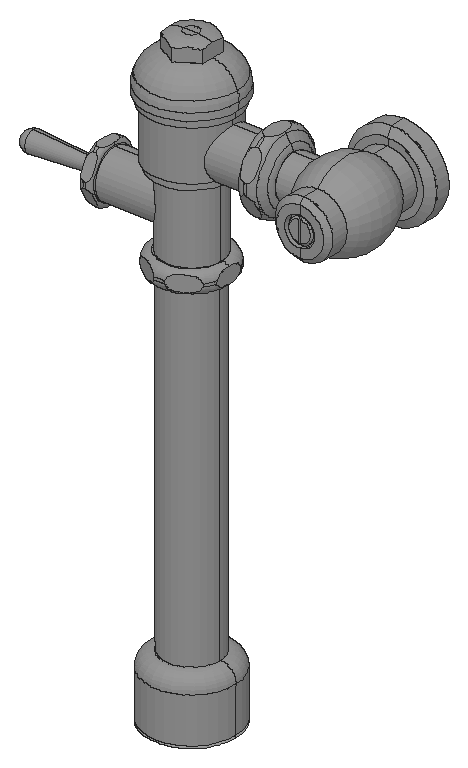
Revit family "LIXIL - FM1-210 N - COBRA FLUSH MASTER TOILET FLUSH VALVE", category Plumbing Fixtures, Revit 2023
Family settings
  Round Connector Dimension = Use Diameter
  Part Type = Normal
  OmniClass Number = 23.45.00.00
  OmniClass Title = Sanitary, Laundry, and Cleaning Equipment
  Work Plane-Based = No
  Enable Cutting in Views = No
  Always vertical = Yes
  Cut with Voids When Loaded = No
  Maintain Annotation Orientation = No
  Shared = Yes
  Room Calculation Point = No
Parameters (values of type "FM1-210 N")
  Product Specification = "Supplier: Lixil.\r\nProduct description: Exposed top entry. Non-hold open feature. With wall flange, integral vacuum breaker, and control stop with integral non-return valve inlet. Including pan connector. Adjustable control stop to valve connection 108mm t0 140mm. With straight flush pipe and compression pan connector. 1 1/4BSP female iron connection end. Recommended optimum design pressures: inlet flow pressure 30 - 300kPa for back entry WC pans: Maximum system pressure 600kPa.\r\nProduct Code: FFU2STFM-0GT01\r\nSKU Code: FM1-210/N\r\nBarcode: 6002194018667\r\nBrand: Cobra\r\nRange: Flush Master\r\nCategory: Flush Valves\r\nSub-Category: Toilets\r\nColour: Chrome\r\nPackage Height: 80 mm\r\nPackage Width: 250 mm\r\nPackage Length: 480 mm\r\nPackage Volume: 9600000 mm³\r\nPackage Weight: 3.34 kg\r\n\r\nNotes:\r\n- Refer to manufacturer's and supplier's installation, maintenance and cleaning manual.\r\n- Refer to manufacturer's and supplier's guarantees and warrantees document."
  M _ RUBBER _ BLACK _ SOFT = M _ LIXIL - RUBBER - BLACK 01
  M _ FLUSH VALVE BODY = M _ LIXIL - CHROME 01
  M _ FLUSH PIPE _ CHROME = M _ LIXIL - CHROME 01
  Hosted on lixil.co.za = "https://www.lixil.co.za/item/cobra-flush-master-valve-flush-toilet-chrome-11"
  HEIGHT -118MM - 273MM MAX = 270 mm
  Description = "Cobra Flush Master Toilet Flush Valve to detail and spec. See sanware schedule. Available from Lixil."
  Default Elevation = 0 mm
Reference planes
  plane 1 "Center (Front/Back)": y = 0
  plane 2: z = 0
  plane 3 "Center (Left/Right)": x = 0
  plane 4: z = 270
  plane 5: z = 311.656
  plane 6: x = 136.532
  plane 7: x = -115
  plane 8: z = 341.871
Dimensions and locks
  "HEIGHT -118MM - 273MM MAX": level to plane 4
  locked: plane 5 to plane 4 at 41.656
  locked: connector elem to plane 5 at 40.215
  aligned and locked: level to plane 2
  aligned and locked: level to nested 3
  aligned and locked: nested 1 to plane 4
  aligned and locked: plane 1 "Center (Front/Back)" to nested 3
Nested families
  nested 1: "BODY" at (0, 0, 270), type "BODY", detail levels medium+fine
  nested 2: "PLACEHOLDER" at (10.766, 43.807, 0), H <- "HEIGHT -118MM - 273MM MAX", type "01", detail levels coarse
    with W 251.532 mm, H 270 mm, D 89.061 mm
  nested 3: "PIPE" at (0, 0, 0), type "01", detail levels medium+fine
    with HEIGHT -118MM - 273MM MAX 270 mm
Connectors
  piping at (108, 0, 351.871), diameter 15
    settings: index 1, connector inside diameter 609.6 mm, connector length 0 mm, flow factor 0, pipe flow 0.0 L/s, pressure drop 0.0 Pa, fitting loss kfactor 0, connector angle 0.00°, fixture units 0, engagement length 0 mm, angle of deflection 0.00°, flow configuration 0, flow direction 0, fitting loss method 0, system type 20, joint type 0, gender type 0, connector reference index -1, connector utility 0, adjustable connector no, is connector primary yes, connector description ""
Definition of nested family "BODY"
  Parameters (values of type "BODY")
    M _ RUBBER _ BLACK _ SOFT = none
    M _ FLUSH VALVE BODY = none
    Default Elevation = 0 mm
  Reference planes
    plane 1 "Center (Front/Back)": y = 0
    plane 2: z = 0
    plane 3 "Center (Left/Right)": x = 0
    plane 4: z = 41.656
    plane 5: y = -115
    plane 6: y = -71
    plane 7: z = 81.871
    plane 8: x = -115
    plane 9: x = 108
  Forms (mm)
    Revolve 1, solid, material <- "M _ FLUSH VALVE BODY"
      sketch origin (0, 0, 0) x (1, 0, 0) y (0, 0, 1)
        loop
          line (0, 109.141) -> (-30, 109.141) -> (-30, 104.141) -> (-27.903, 104.141) -> (-27.903, 69.141) -> (-25.807, 69.141) -> (-25.807, 64.141) -> (-20, 64.141) -> (-20, 14.141) -> (0, 14.141) -> (0, 109.141)
        axis (0, 109.141) -> (0, 14.141)
      angle from 0 to 360
    Revolve 2, solid, material <- "M _ FLUSH VALVE BODY"
      sketch origin (0, 0, 218.282) x (1, 0, 0) y (0, 0, 1)
        loop
          line (0, -83.485) -> (-14.613, -83.485)
          arc (-14.613, -83.485) -> (-24.709, -88.263) -> (-30.92, -97.548) r 20.967
          line (-30.92, -97.548) -> (0, -97.548) -> (0, -83.485)
        axis (0, -97.548) -> (0, -83.485)
      angle from 0 to 360
    Extrusion 3, solid, material <- "M _ FLUSH VALVE BODY"
      sketch origin (0, 40, 71.777) x (-1, 0, 0) y (0, -1, 0)
        loop
          line (-14.289, 48.25) -> (-14.289, 31.75) -> (0, 23.5) -> (14.289, 31.75) -> (14.289, 48.25) -> (0, 56.5) -> (-14.289, 48.25)
      from 59.503 to 75.892
    Revolve 4, void
      sketch origin (-71, 0, 58.07) x (-1, 0, 0) y (0, 0, 1)
        loop
          line (-52.121, 83.392) -> (-52.121, 92.654) -> (-71, 92.654) -> (-71, 87.819) -> (-66, 87.819)
          arc (-66, 87.819) -> (-58.716, 86.686) -> (-52.121, 83.392) r 23.972
        axis (-71, 92.654) -> (-71, 83.392)
      angle from 0 to 360
    Revolve 5, solid, material <- "M _ FLUSH VALVE BODY"
      sketch origin (-29.742, 0, -95.834) x (-1, 0, 0) y (0, 0, 1)
        loop
          line (-29.742, 109.976) -> (-50.648, 109.976)
          arc (-50.648, 109.976) -> (-54.957, 108.19) -> (-56.742, 103.881) r 6.095
          line (-56.742, 103.881) -> (-56.742, 101.929)
          arc (-56.742, 101.929) -> (-54.957, 97.62) -> (-50.648, 95.834) r 6.095
          line (-50.648, 95.834) -> (-29.742, 95.834) -> (-29.742, 109.976)
        axis (-29.742, 109.976) -> (-29.742, 95.834)
      angle from 0 to 360
    Extrusion 6, void
      sketch origin (-282.166, -351.439, 0) x (0, 1, 0) y (-1, 0, 0)
        loop
          line (337.005, -257.166) -> (322.571, -282.166) -> (337.005, -307.166) -> (365.872, -307.166) -> (380.306, -282.166) -> (365.872, -257.166) -> (337.005, -257.166)
        loop
          circle (351.439, -282.166) r 34.38
      from 0 to 14.141
    Revolve 7, solid, material <- "M _ FLUSH VALVE BODY"
      sketch origin (160.361, 0, 52.128) x (0, 0, -1) y (-1, 0, 0)
        loop
          line (-29.742, 109.976) -> (-50.648, 109.976)
          arc (-50.648, 109.976) -> (-54.957, 108.19) -> (-56.742, 103.881) r 6.095
          line (-56.742, 103.881) -> (-56.742, 101.929)
          arc (-56.742, 101.929) -> (-56.016, 99.044) -> (-54.011, 96.846) r 6.095
          line (-54.011, 96.846) -> (-48.956, 93.502)
          arc (-48.956, 93.502) -> (-46.832, 92.506) -> (-44.511, 92.165) r 8.056
          line (-44.511, 92.165) -> (-29.742, 92.165) -> (-29.742, 109.976)
        axis (-29.742, 109.976) -> (-29.742, 92.165)
      angle from 0 to 360
    Extrusion 8, void
      sketch origin (64.527, -351.439, -200.295) x (0, 1, 0) y (0, 0, -1)
        loop
          line (337.005, -257.166) -> (322.571, -282.166) -> (337.005, -307.166) -> (365.872, -307.166) -> (380.306, -282.166) -> (365.872, -257.166) -> (337.005, -257.166)
        loop
          circle (351.439, -282.166) r 34.38
      from -6.019 to 14.141
    Revolve 9, solid, material <- "M _ FLUSH VALVE BODY"
      sketch origin (43.733, 0, 11.913) x (0, 0, -1) y (-1, 0, 0)
        loop
          line (-29.742, 102.005) -> (-42.559, 102.005) -> (-42.559, 104.271) -> (-46.535, 104.271)
          arc (-46.535, 104.271) -> (-48.656, 103.392) -> (-49.535, 101.271) r 3
          line (-49.535, 101.271) -> (-49.535, 98.834)
          arc (-49.535, 98.834) -> (-48.656, 96.713) -> (-46.535, 95.834) r 3
          line (-46.535, 95.834) -> (-29.742, 95.834) -> (-29.742, 102.005)
        axis (-29.742, 104.271) -> (-29.742, 95.834)
      angle from 0 to 360
    Extrusion 10, void
      sketch origin (-52.102, -351.439, -240.51) x (0, 1, 0) y (0, 0, -1)
        loop
          line (341.043, -264.16) -> (330.648, -282.166) -> (341.043, -300.171) -> (361.834, -300.171) -> (372.229, -282.166) -> (361.834, -264.16) -> (341.043, -264.16)
        loop
          circle (351.439, -282.166) r 24.761
      from 0 to 14.141
    Revolve 11, solid, material <- "M _ FLUSH VALVE BODY"
      sketch origin (-79.288, 0, 41.656) x (0, 0, -1) y (1, 0, 0)
        loop
          line (-16.296, 79.288) -> (-16.296, 27.209) -> (0, 27.209) -> (0, 79.288) -> (-16.296, 79.288)
        axis (0, 79.288) -> (0, 27.209)
      angle from 0 to 360
    Revolve 12, solid, material <- "M _ FLUSH VALVE BODY"
      sketch origin (-33.352, 0, 41.656) x (0, 0, -1) y (1, 0, 0)
        loop
          arc (-7.067, -73.104) -> (-4.997, -78.102) -> (0, -80.171) r 7.067
          line (0, -80.171) -> (0, -24.92) -> (-4.089, -24.92) -> (-7.067, -73.104)
        axis (0, -80.171) -> (0, -24.92)
      angle from 0 to 360
    Revolve 13, solid, material <- "M _ FLUSH VALVE BODY"
      sketch origin (-27.209, 0, 81.871) x (0, 0, -1) y (1, 0, 0)
        loop
          line (-17.271, 77.595) -> (-17.271, 27.209) -> (0, 27.209) -> (0, 77.595) -> (-17.271, 77.595)
        axis (0, 77.595) -> (0, 27.209)
      angle from 0 to 360
    Revolve 14, solid, material <- "M _ FLUSH VALVE BODY"
      sketch origin (40.989, 0, 81.871) x (0, 0, -1) y (1, 0, 0)
        loop
          line (-15, 63.558) -> (-15, 27.209) -> (0, 27.209) -> (0, 63.558) -> (-15, 63.558)
        axis (0, 63.558) -> (0, 27.209)
      angle from 0 to 360
    Revolve 15, solid, material <- "M _ FLUSH VALVE BODY"
      sketch origin (108, -535.223, 0) x (0, 1, 0) y (0, 0, 1)
        loop
          line (579.029, 81.871) -> (579.029, 111.871) -> (569.029, 111.871) -> (565.163, 106.349) -> (565.163, 101.349) -> (553.365, 101.349)
          arc (553.365, 101.349) -> (529.941, 110.215) -> (506.516, 101.349) r 35.376
          line (506.516, 101.349) -> (494.952, 101.349) -> (491.416, 97.813) -> (491.416, 91.871) -> (494.467, 91.871) -> (494.467, 90.215) -> (492.558, 90.215) -> (491.416, 89.073) -> (491.416, 81.871) -> (579.029, 81.871)
        axis (491.416, 81.871) -> (579.029, 81.871)
      angle from 0 to 360
    Revolve 16, solid, material <- "M _ RUBBER _ BLACK _ SOFT"
      sketch origin (0, 0, 218.282) x (1, 0, 0) y (0, 0, 1)
        loop
          line (0, -109.141) -> (0, -97.548) -> (-30.92, -97.548)
          arc (-30.92, -97.548) -> (-31.716, -100.802) -> (-31.983, -104.141) r 20.967
          line (-31.983, -104.141) -> (-31.983, -109.141) -> (0, -109.141)
        axis (0, -109.141) -> (0, -97.548)
      angle from 0 to 360
    Extrusion 17, void
      sketch origin (-1.09, 22.603, 0) x (1, 0, 0) y (0, 1, 0)
        loop
          line (108.34, -66.41) -> (109.84, -66.41) -> (109.84, -64.049) -> (108.34, -64.049) -> (108.34, -66.41)
      from 73.006 to 90.993
  Cuts and joins
    Revolve 4 cuts Extrusion 3
    joined: Revolve 1, Revolve 2, Extrusion 3
    Extrusion 6 cuts Revolve 5
    Extrusion 10 cuts Revolve 9
    Extrusion 8 cuts Revolve 7
    Extrusion 17 cuts Revolve 15
  Dimensions and locks
    plane 4 to level = 41.656 mm
    plane 5 to plane 1 "Center (Front/Back)" = 115 mm
    plane 3 "Center (Left/Right)" to plane 8 = 115 mm
    locked: plane 9 to plane 3 "Center (Left/Right)" at 108
    aligned and locked: level to plane 2
  Nested families
    nested 1: "COBRA LOGO _ FACE BASED" at (-0.409, 0.182, 145.889) x (-1, 0, 0) z (0, 0, 1), type "01"
  Definition of nested family "COBRA LOGO _ FACE BASED"
    Parameters (values of type "01")
      Default Elevation = 1219.2 mm
    Reference planes
      plane 1 "Center (Front/Back)": y = 0
      plane 2: z = 0
      plane 3 "Center (Left/Right)": x = 0
    Forms (mm)
      Extrusion 1, solid
        sketch origin (0, 0, 0) x (1, 0, 0) y (0, 1, 0)
          loop
            line (-1219.2, 1219.2) -> (-1219.2, -1219.2) -> (1219.2, -1219.2) -> (1219.2, 1219.2) -> (-1219.2, 1219.2)
        from 0 to -304.8
    Lines and regions (mm)
      model lines
        curve 1: arc (-0.413, 0.586, 0) -> (-2.269, -3.026, 0) -> (1.792, -3.004, 0) r 2.375
        curve 2: arc (-0.413, 1.371, 0) -> (-4.565, -4.073, 0) -> (1.792, -6.615, 0) r 4.299
        curve 3: arc (-0.513, -0.251, 0) -> (3.543, -0.053, 0) -> (1.494, 3.454, 0) r 2.375
        curve 4: arc (-1.193, -0.643, 0) -> (5.597, -1.517, 0) -> (4.62, 5.259, 0) r 4.299
        curve 5: arc (0.262, 0.08, 0) -> (-1.938, 3.494, 0) -> (-3.95, -0.034, 0) r 2.375
        curve 6: arc (0.941, -0.312, 0) -> (-1.697, 6.006, 0) -> (-7.077, 1.771, 0) r 4.299
        curve 7: arc (-0.413, 1.371, 0) -> (-4.565, -4.073, 0) -> (1.792, -6.615, 0) r 4.299
        curve 8: arc (-0.413, 0.586, 0) -> (-2.269, -3.026, 0) -> (1.792, -3.004, 0) r 2.375
        curve 9: arc (-1.193, -0.643, 0) -> (5.597, -1.517, 0) -> (4.62, 5.259, 0) r 4.299
        curve 10: arc (-0.513, -0.251, 0) -> (3.543, -0.053, 0) -> (1.494, 3.454, 0) r 2.375
        curve 11: arc (0.941, -0.312, 0) -> (-1.697, 6.006, 0) -> (-7.077, 1.771, 0) r 4.299
        curve 12: line (-0.413, 1.371, 0) -> (-0.413, 0.586, 0)
        curve 13: line (-0.413, 0.586, 0) -> (-0.413, 1.371, 0)
        curve 14: line (1.792, -3.004, 0) -> (1.792, -6.615, 0)
        curve 15: line (1.792, -6.615, 0) -> (1.792, -3.004, 0)
        curve 16: line (-1.193, -0.643, 0) -> (-0.513, -0.251, 0)
        curve 17: line (-0.513, -0.251, 0) -> (-1.193, -0.643, 0)
        curve 18: line (1.494, 3.454, 0) -> (4.62, 5.259, 0)
        curve 19: line (4.62, 5.259, 0) -> (1.494, 3.454, 0)
        curve 20: line (0.941, -0.312, 0) -> (0.262, 0.08, 0)
        curve 21: line (0.262, 0.08, 0) -> (0.941, -0.312, 0)
        curve 22: line (-3.95, -0.034, 0) -> (-7.077, 1.771, 0)
        curve 23: line (-7.077, 1.771, 0) -> (-3.95, -0.034, 0)
        curve 24: arc (0.262, 0.08, 0) -> (-1.938, 3.494, 0) -> (-3.95, -0.034, 0) r 2.375
    Dimensions and locks
      aligned and locked: plane 2 to Extrusion 1
      aligned and locked: level to Extrusion 1
Definition of nested family "PLACEHOLDER"
  Parameters (values of type "01")
    W [instance] = 260.392 mm
    H [instance] = 470.882 mm
    Default Elevation = 0 mm
    D [instance] = 240.391 mm
  Reference planes
    plane 1 "Center (Front/Back)": y = 0
    plane 2: z = 0
    plane 3 "Center (Left/Right)": x = 0
    plane 4: y = -240.391
    plane 5: x = -130.196
    plane 6: x = 130.196
    plane 7: z = 470.882
    plane 8: z = 616.782
  Forms (mm)
    Extrusion 1, solid
      sketch origin (0, 0, 0) x (1, 0, 0) y (0, 1, 0)
        loop
          line (-130.196, 0) -> (-130.196, -240.391) -> (130.196, -240.391) -> (130.196, 0) -> (-130.196, 0)
      from 0 to 616.782
  Dimensions and locks
    "D": plane 4 to plane 1 "Center (Front/Back)"
    equal spacing: plane 5, plane 3 "Center (Left/Right)", plane 6
    "W": plane 5 to plane 6
    "H": plane 7 to level
    locked: plane 8 to plane 7 at 145.9
    aligned and locked: level to plane 2
    aligned and locked: Extrusion 1 sketch curve to plane 5
    aligned and locked: Extrusion 1 sketch curve to plane 1 "Center (Front/Back)"
    aligned and locked: Extrusion 1 sketch curve to plane 6
    aligned and locked: Extrusion 1 to level
    aligned and locked: plane 8 to Extrusion 1
    aligned and locked: Extrusion 1 sketch curve to plane 4
Definition of nested family "PIPE"
  Parameters (values of type "Family1")
    M _ RUBBER _ BLACK _ SOFT = none
    M _ FLUSH PIPE _ CHROME = none
    HEIGHT -118MM - 273MM MAX = 675 mm
    Default Elevation = 0 mm
  Reference planes
    plane 1 "Center (Front/Back)": y = 0
    plane 2: z = 0
    plane 3 "Center (Left/Right)": x = 0
    plane 4: z = 675
  Forms (mm)
    Sweep 1, solid, material <- "M _ FLUSH PIPE _ CHROME"
      path origin (0, 0, 0) x (0, 1, 0) y (0, 0, 1)
        loop
          line (0, 675) -> (0, 0)
      profile origin (0, 0, 337.5) x (1, 0, 0) y (0, 1, 0)
        loop
          circle (0, 0) r 19.1
        loop
          circle (0, 0) r 17.5
  Dimensions and locks
    "HEIGHT -118MM - 273MM MAX": level to plane 4
    aligned and locked: level to plane 2
    aligned and locked: plane 1 "Center (Front/Back)" to nested 1
    aligned and locked: plane 3 "Center (Left/Right)" to nested 1
  Automatic sketch dimensions
    Sweep 1 sketch curve to level = 0 mm
    Sweep 1 sketch curve to plane 1 "Center (Front/Back)" = 0 mm
    plane 4 to Sweep 1 sketch curve = 0 mm
    Sweep 1 sketch curve to Sweep 1 sketch curve = 0 mm  (x2)
    profile plane to Sweep 1 sketch curve = 0 mm
    Sweep 1 sketch curve to profile plane = 0 mm
    radius of Sweep 1 sketch curve = 19.1 mm
    radius of Sweep 1 sketch curve = 17.5 mm
  Nested families
    nested 1: "RUBBER 02" at (0, 0, 0), type "01"
    nested 2: "RUBBER 01" at (0, 0, 0.643), type "01"
  Definition of nested family "RUBBER 02"
    Parameters (values of type "01")
      M _ RUBBER _ BLACK _ SOFT = none
      Default Elevation = 0 mm
    Reference planes
      plane 1 "Center (Front/Back)": y = 0
      plane 2: z = 0
      plane 3 "Center (Left/Right)": x = 0
      plane 4: z = 11
    Forms (mm)
      Revolve 1, solid, material <- "M _ RUBBER _ BLACK _ SOFT"
        sketch origin (0, 0, 0) x (1, 0, 0) y (0, 0, 1)
          loop
            line (-24.17, 0) -> (-24.17, 11) -> (-24.974, 11) -> (-28.1, 1.381)
            arc (-28.1, 1.381) -> (-28.825, 0.382) -> (-30, 0) r 1.998
            line (-30, 0) -> (-24.17, 0)
          axis (0, 0) -> (0, 11)
        angle from 0 to 360
    Dimensions and locks
      aligned and locked: level to plane 2
  Definition of nested family "RUBBER 01"
    Parameters (values of type "01")
      M _ FLUSH PIPE _ CHROME = none
      Default Elevation = 0 mm
    Reference planes
      plane 1 "Center (Front/Back)": y = 0
      plane 2: z = 0
      plane 3 "Center (Left/Right)": x = 0
      plane 4: z = 11
    Forms (mm)
      Revolve 1, solid, material <- "M _ FLUSH PIPE _ CHROME"
        sketch origin (0, 0, 0) x (1, 0, 0) y (0, 0, 1)
          loop
            line (0, 42.32) -> (-19.5, 42.32)
            arc (-19.5, 42.32) -> (-27, 39.213) -> (-30.107, 31.713) r 10.607
            line (-30.107, 31.713) -> (-30.107, 1.006)
            arc (-30.107, 1.006) -> (-29.457, 1.16) -> (-29.051, 1.69) r 0.998
            line (-29.051, 1.69) -> (-26.025, 11) -> (0, 11) -> (0, 42.32)
          axis (0, 1.006) -> (0, 42.32)
        angle from 0 to 360
    Dimensions and locks
      aligned and locked: level to plane 2
